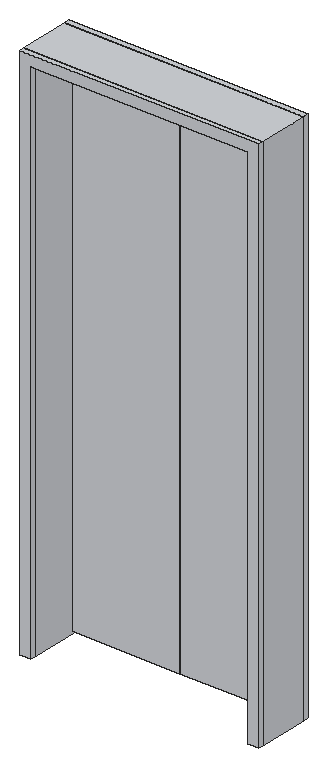
Revit family "Door_Bifold System_2Panel_Solid", category Doors, host Wall, Revit 2019
Family settings
  Host = Wall
  OmniClass Number = 23.30.10.11.14
  OmniClass Title = Door
  Always vertical = Yes
  Cut with Voids When Loaded = No
  Shared = Yes
  Room Calculation Point = No
Parameters (values of type "1980h x 810w x 40t")
  Website = "www.bifoldsystems.co.nz"
  Visual Light Transmittance = 0
  UndercutDoorGrille [instance] = ""
  Undercut = 10 mm
  Type Comments = "1980h x 810w x 40t"
  TrimWidth = 40 mm
  TrimWidthControl = if(TrimWidth < JambWidth, JambWidth, TrimWidth)  # 40 mm
  TrimThickness = 20 mm
  Trim [instance] = none
  TrimFinish [instance] = ""
  StopWidth = 10 mm
  StopDepth = 40 mm
  ShowHandleInt [instance] = yes
  ShowHandleExt [instance] = yes
  Lock [instance] = ""
  LiningThickness [instance] = 13 mm
  LeafWidth1 = Width / 2  # 405 mm
  LeafType [instance] = ""
  LeafHeight = 1980 mm
  LeafFinish [instance] = ""
  LeafControl [instance] = if(FrameByThroat, (FrameByThroatControl / 2) + (FrameOffsetExt - LeafInsetDist), FrameByThroatControl / 2 - LeafInsetDist)  # 75 mm
  JambWidth = 40 mm
  JambTolerance = 0 mm
  HingeLeaf = ""
  Hinge = ""
  HeadTolerance = 0 mm
  HeadHeight = 40 mm
  HandlesInt [instance] = none
  HandlesExt [instance] = none
  HandleTypeExt [instance] = Handle_Door_Lever_WM : Type 1
  HandleTypeInt [instance] = Handle_Door_Lever_WM : Type 1
  FrameVisibility [instance] = not(HostReport < 60 mm)  # yes
  FrameType [instance] = ""
  FrameOffsetInt = 0 mm
  FrameOffsetExt = 0 mm
  FrameFinish [instance] = ""
  FrameDepth = 150 mm
  FrameByThroatControl [instance] = if(FrameByThroat, HostReport, FrameDepth)  # 150 mm
  Thickness = 40 mm
  Thermal Resistance (R) = 0.3829 (m²·K)/W
  Solar Heat Gain Coefficient = 0
  ShowTrims [instance] = yes
  Rough Width [instance] = Width + (JambWidth * 2) + (JambTolerance * 2)  # 890 mm
  Rough Height [instance] = LeafHeight + HeadHeightControl + HeadTolerance  # 2020 mm
  Manufacturer = "Generic"
  Leaf [instance] = none
  LeafInsetDist = 0 mm
  HostReport [instance] = 150 mm
  Heat Transfer Coefficient (U) = 2.6119 W/(m²·K)
  HeadHeightControl [instance] = if(HeadHeight < JambWidth, JambWidth, HeadHeight)  # 40 mm
  HandleInset = 50 mm
  HandleHeight = 1000 mm
  Glazing [instance] = none
  Function = Exterior
  Height = LeafHeight  # 1980 mm
  Wall Closure = By host
  Width = 810 mm
  FrameOffsetIntControl = if(FrameByThroat, FrameOffsetInt, 0 mm)  # 0 mm
  FrameOffsetExtControl = if(FrameByThroat, FrameOffsetExt, 0 mm)  # 0 mm
  Frame [instance] = none
  FrameByThroat = yes
  Fire Rating = "30/30/30"
  EgressDoor [instance] = no
  DoorFinish [instance] = ""
  Description = "Nz - Bifold Glazed"
  ClearanceRight = 100 mm  # constant formula
  ClearanceLeft = 100 mm  # constant formula
  ClearOpening [instance] = 760 mm
  Analytic Construction = "Solid core wood"
  AccessOutwardOpenB [instance] = no
  AccessOutwardOpenA [instance] = no
  AccessInwardOpenB [instance] = no
  AccessInwardOpenA [instance] = no
Reference planes
  plane 1 "Center)Front/Back)": y = 0
  plane 2 "Center (Left/Right)": x = -14.219
  plane 3 "Left": x = -459.219
  plane 4 "Right": x = 430.781
  plane 5: z = 1980
  plane 6 "Exterior": y = 75
  plane 7 "Interior": y = -75
  plane 8: x = -419.219
  plane 9: x = 390.781
  plane 10: y = 75
  plane 11 "Leaf/Swing (Host)": y = 75
  plane 12: x = 430.781
  plane 13: x = -459.219
  plane 14: z = 2020
  plane 15: z = 2020
  plane 16 "stop Width Right": x = 380.781
  plane 17: x = -379.219
  plane 18: z = 10
Lines and regions (mm)
  Opening 1
    outline origin (-4966.219, -75, 0) x (1, 0, 0) y (0, 0, 1)
      loop
        line (5397, 2020) -> (4507, 2020) -> (4507, 0) -> (5397, 0) -> (5397, 2020)
Text (mm)
  text "Exterior" at (-1272.852, 1153.603, 0), in view "Ref. Level"
  text "Exterior" at (0, 646.844, 1884.131), in view "Left"
  text "Exterior" at (0, 384.156, 1894.705), in view "Right"
  text "-Multiple Reference Planes's on top of each other\n-Clearance zones invisible in elevation/section \n-Leaf not constrained - Hosted by Reference Line\n-Frames will error when parameters are not Default\nLeaf origins not Centre/Centre\nFrame will Hide when wall thickness is less then 60mm\nOpening Cuts are within Parent Family" at (1619.848, 873.626, 0), in view "Ref. Level"
  text "Warnings" at (1619.848, 1153.603, 0), in view "Ref. Level"
Dimensions and locks
  equal spacing: plane 8, plane 2 "Center (Left/Right)", plane 9
  "LeafHeight": plane 5 to host wall
  "HeadTolerance": plane 14 to plane 15
  "HeadHeight": plane 5 to plane 14
  locked: plane 6 "Exterior" to host wall at 0
  locked: plane 7 "Interior" to host wall
  "HostReport": host wall to host wall
  "JambWidth": plane 9 to plane 12
  "JambTolerance": plane 12 to plane 4 "Right"
  "StopWidth": plane 16 "stop Width Right" to plane 9
  "JambTolerance": plane 13 to plane 3 "Left"
  "Width": plane 8 to plane 9
  "JambWidth": plane 3 "Left" to plane 8
  "Thickness": plane 8 to plane 17
  "ClearOpening": plane 17 to plane 16 "stop Width Right"
  "Undercut": plane 18 to level
  "LeafControl": plane 1 "Center)Front/Back)" to plane 11 "Leaf/Swing (Host)"
  aligned and locked: plane 1 "Center)Front/Back)" to host wall
  aligned and locked: plane 2 "Center (Left/Right)" to nested 1
  aligned and locked: Opening 1 sketch curve to plane 15
  aligned and locked: Opening 1 sketch curve to plane 4 "Right"
  aligned and locked: Opening 1 sketch curve to level
  aligned and locked: Opening 1 sketch curve to plane 13
  aligned and locked: plane 1 "Center)Front/Back)" to nested 1
  aligned and locked: plane 8 to nested 2
  aligned and locked: plane 8 to nested 4
  aligned and locked: nested 5 to plane 2 "Center (Left/Right)"
  aligned and locked: plane 9 to nested 3
Nested families
  nested 1: "Frame_Door_Swing" at (-24.219, 0, 0), Width <- "Width", Height <- "LeafHeight", Rough Width <- "Rough Width", Rough Height <- "Rough Height", visible <- "FrameVisibility", Thickness <- "Thickness", type "Type 1"
    with Width 810 mm, TrimWidth 40 mm, TrimThickness 20 mm, TrimMaterial none, TrimFinish "", Thickness 40 mm, StopWidth 20 mm, StopDepth 20 mm, ShowTrims yes, Rough Width 890 mm, Rough Height 2020 mm, JambWidth 40 mm, JambTolerance 100 mm, HostManualControl 0 mm, HostControl 0 mm, Height 1980 mm, HeadTolerance 0 mm, HeadHeight 40 mm, FrameType "", FrameRebated no, FramePlanted no, FrameOffsetIntControl 20 mm, FrameOffsetInt 20 mm, FrameOffsetExtControl 20 mm, FrameOffsetExt 20 mm, FrameMaterial none, FrameGeneric yes, FrameFinish "", FrameDepth 120 mm, FrameByThroat yes
  nested 2: "Leaf_Door" at (-216.719, 75, 0), Thickness <- "Thickness", type "Type 1"
    with Undercut 10 mm, Thickness 40 mm, LeafWidth1 405 mm, LeafType "", LeafMaterial none, LeafHeight 1980 mm, LeafFinish "", FrameType ""
  nested 3: "Leaf_Door" at (188.281, 75, 0), Thickness <- "Thickness", type "Type 1"
    with Undercut 10 mm, Thickness 40 mm, LeafWidth1 405 mm, LeafType "", LeafMaterial none, LeafHeight 1980 mm, LeafFinish "", FrameType ""
  nested 4: "Bifold_Door_2Panel_Plan_WM" at (-1873.595, -107.5, 0), type "Type 1"
    with PanelLength 405 mm, Length 340 mm, LeafWidth1 220.057 mm, FrameType "", 2Panel yes
  nested 5: "Accessibility_Door_Double" at (-14.219, 0, -1980), type "Type 1", not visible
    with FrameType "", CalculatedClearanceRight 1200 mm, CalculatedClearanceLeft 1200 mm, AccessClearanceRight 505 mm, AccessClearanceLeft 505 mm
Definition of nested family "Frame_Door_Swing"
  Parameters (values of type "Type 1")
    TrimWidth [instance] = 40 mm
    TrimThickness [instance] = 20 mm
    TrimMaterial [instance] = none
    TrimFinish [instance] = ""
    Thickness [instance] = 40 mm
    StopWidth [instance] = 20 mm
    StopDepth [instance] = 20 mm
    ShowTrims [instance] = yes
    Rough Width [instance] = 0 mm
    Rough Height [instance] = 0 mm
    JambWidth [instance] = 40 mm
    JambTolerance [instance] = 100 mm
    HostManualControl [instance] = 0 mm
    HostControl [instance] = if(FrameByThroat, 0 mm, HostManualControl)  # 0 mm
    HostReport [instance] = 150 mm
    HeadTolerance [instance] = 0 mm
    HeadHeight [instance] = 40 mm
    Function = (empty or 0)
    Height [instance] = 1980 mm
    Wall Closure = (empty or 0)
    Width [instance] = 910 mm
    FrameType [instance] = ""
    FrameRebated [instance] = no
    FramePlanted [instance] = no
    FrameOffsetIntControl [instance] = if(FrameByThroat, FrameOffsetInt, 0 mm)  # 20 mm
    FrameOffsetInt [instance] = 20 mm
    FrameOffsetExtControl [instance] = if(FrameByThroat, FrameOffsetExt, 0 mm)  # 20 mm
    FrameOffsetExt [instance] = 20 mm
    FrameMaterial [instance] = none
    FrameGeneric [instance] = not(or(FramePlanted, FrameRebated))  # yes
    FrameFinish [instance] = ""
    FrameDepthControl [instance] = if(FrameByThroat, HostReport + FrameOffsetInt + FrameOffsetExt, FrameDepth)  # 190 mm
    FrameDepth [instance] = 120 mm
    FrameByThroat [instance] = yes
    Description = "NOSCHED"
    Analytic Construction = "<None>"
  Reference planes
    plane 1 "Centre - Host": y = 0
    plane 2 "Center (Left/Right)": x = 10
    plane 3 "Rough Jamb Left": x = -585
    plane 4 "Rough Jamb Right": x = 605
    plane 5 "Exterior": y = 75
    plane 6 "Interior": y = -75
    plane 7 "Jamb Width Left": x = -445
    plane 8 "Stop Width Left": x = -425
    plane 9 "Jamb Width Right": x = 465
    plane 10 "Stop Width Right": x = 445
    plane 11 "Head Height": z = 2020
    plane 12: x = -485
    plane 13: x = 505
    plane 14 "Centre - Model": y = 0
    plane 15: z = 1980
    plane 16 "Rough Opening Height": z = 2020
    plane 17 "TrimInt - Model": y = -115
    plane 18 "TrimExt - Model": y = 115
    plane 19 "Trim Height": z = 2020
    plane 20 "TrimWidth_WM Left": x = -485
    plane 21 "TrimWidth_WM Right": x = 505
    plane 22 "Exterior - Model": y = 75
    plane 23 "Interior - Model": y = -75
    plane 24 "OffsetInt - Model": y = -95
    plane 25 "OffsetExt - Model": y = 95
    plane 26 "Centre - Symbolic": y = 0
    plane 27 "Exterior - Symbolic": y = 75
    plane 28 "Interior - Symbolic": y = -75
    plane 29 "OffsetInt - Symbolic": y = -95
    plane 30 "OffsetExt - Symbolic": y = 95
    plane 31: y = 55
    plane 32: y = 35
    plane 33 "Trim Ext - Symbolic": y = 115
    plane 34 "Trim In - Symbolic": y = -115
  Forms (mm)
    Sweep 1, solid, material <- "FrameMaterial"
      path origin (0, 0, 0) x (-1, 0, 0) y (0, 0, 1)
        loop
          line (485, 0) -> (485, 2020)
      profile "Profile_Flush_Generic_WM : Jamb" origin (-485, 0, 1010) x (1, 0, 0) y (0, 1, 0)
        loop
          line (0, 95) -> (0, -95) -> (40, -95) -> (40, 95) -> (0, 95)
    Sweep 2, solid, material <- "FrameMaterial"
      path origin (0, 0, 0) x (-1, 0, 0) y (0, 0, 1)
        loop
          line (-505, 2020) -> (-505, 0)
      profile "Profile_Flush_Generic_WM : Jamb" origin (505, 0, 1010) x (-1, 0, 0) y (0, 1, 0)
        loop
          line (0, 95) -> (0, -95) -> (40, -95) -> (40, 95) -> (0, 95)
    Sweep 3, solid, material <- "FrameMaterial"
      path origin (0, 0, 0) x (-1, 0, 0) y (0, 0, 1)
        loop
          line (485, 1980) -> (-505, 1980)
      profile "Profile_Flush_Generic_WM : Head" origin (10, 0, 1980) x (0, 0, -1) y (0, 1, 0)
        loop
          line (0, 95) -> (-40, 95) -> (-40, -95) -> (0, -95) -> (0, 95)
    Sweep 4, solid, material <- "TrimMaterial", visible <- "ShowTrims", detail levels medium+fine
      path origin (0, -115, 0) x (1, 0, 0) y (0, 0, 1)
        loop
          line (-445, 1980) -> (-445, 0)
      profile origin (-445, -115, 990) x (0, -1, 0) y (1, 0, 0)
        loop
          line (0, -40) -> (0, 0) -> (-20, 0) -> (-20, -40) -> (0, -40)
    Sweep 5, solid, material <- "TrimMaterial", visible <- "ShowTrims", detail levels medium+fine
      path origin (0, -115, 0) x (1, 0, 0) y (0, 0, 1)
        loop
          line (465, 1980) -> (465, 0)
      profile origin (465, -115, 990) x (0, -1, 0) y (1, 0, 0)
        loop
          line (-20, 40) -> (-20, 0) -> (0, 0) -> (0, 40) -> (-20, 40)
    Sweep 6, solid, material <- "TrimMaterial", visible <- "ShowTrims", detail levels medium+fine
      path origin (0, 115, 0) x (1, 0, 0) y (0, 0, 1)
        loop
          line (465, 0) -> (465, 1980)
      profile origin (465, 115, 990) x (-1, 0, 0) y (0, -1, 0)
        loop
          line (-40, 0) -> (0, 0) -> (0, 20) -> (-40, 20) -> (-40, 0)
    Sweep 7, solid, material <- "TrimMaterial", visible <- "ShowTrims", detail levels medium+fine
      path origin (0, 115, 0) x (1, 0, 0) y (0, 0, 1)
        loop
          line (-445, 0) -> (-445, 1980)
      profile origin (-445, 115, 990) x (-1, 0, 0) y (0, -1, 0)
        loop
          line (40, 20) -> (0, 20) -> (0, 0) -> (40, 0) -> (40, 20)
    Sweep 8, solid, material <- "TrimMaterial", visible <- "ShowTrims", detail levels medium+fine
      path origin (0, 115, 0) x (1, 0, 0) y (0, 0, 1)
        loop
          line (-485, 1980) -> (505, 1980)
      profile origin (10, 115, 1980) x (0, 0, 1) y (0, -1, 0)
        loop
          line (0, 20) -> (0, 0) -> (40, 0) -> (40, 20) -> (0, 20)
    Sweep 9, solid, material <- "TrimMaterial", visible <- "ShowTrims", detail levels medium+fine
      path origin (0, -115, 0) x (1, 0, 0) y (0, 0, 1)
        loop
          line (-485, 1980) -> (505, 1980)
      profile origin (10, -115, 1980) x (0, 0, 1) y (0, -1, 0)
        loop
          line (0, 0) -> (0, -20) -> (40, -20) -> (40, 0) -> (0, 0)
  Cuts and joins
    joined: Sweep 1, Sweep 2, Sweep 3
    joined: Sweep 4, Sweep 5, Sweep 9
    joined: Sweep 6, Sweep 7, Sweep 8
  Lines and regions (mm)
    Masking region 1, visible <- "FrameGeneric"
      outline origin (0, 0, 0) x (1, 0, 0) y (0, 1, 0)
        loop
          line (505, 95) -> (465, 95) -> (465, -95) -> (505, -95) -> (505, 95)
        loop
          line (-445, 95) -> (-485, 95) -> (-485, -95) -> (-445, -95) -> (-445, 95)
    Masking region 2, visible <- "FrameRebated"
      outline origin (0, 0, 0) x (1, 0, 0) y (0, 1, 0)
        loop
          line (505, 95) -> (465, 95) -> (465, 55) -> (445, 55) -> (445, -95) -> (505, -95) -> (505, 95)
        loop
          line (-425, -95) -> (-425, 55) -> (-445, 55) -> (-445, 95) -> (-485, 95) -> (-485, -95) -> (-425, -95)
    Masking region 3, visible <- "FramePlanted"
      outline origin (0, 0, 0) x (1, 0, 0) y (0, 1, 0)
        loop
          line (-425, 55) -> (-445, 55) -> (-445, 95) -> (-485, 95) -> (-485, -95) -> (-445, -95) -> (-445, 35) -> (-425, 35) -> (-425, 55)
        loop
          line (445, 55) -> (445, 35) -> (465, 35) -> (465, -95) -> (505, -95) -> (505, 95) -> (465, 95) -> (465, 55) -> (445, 55)
    Masking region 4, visible <- "ShowTrims", detail levels fine
      outline origin (0, 0, 0) x (1, 0, 0) y (0, 1, 0)
        loop
          line (-485, 115) -> (-485, 95) -> (-445, 95) -> (-445, 115) -> (-485, 115)
        loop
          line (505, 115) -> (465, 115) -> (465, 95) -> (505, 95) -> (505, 115)
        loop
          line (-485, -115) -> (-445, -115) -> (-445, -95) -> (-485, -95) -> (-485, -115)
        loop
          line (465, -115) -> (505, -115) -> (505, -95) -> (465, -95) -> (465, -115)
    symbolic lines, visible <- "FramePlanted"
      curve 1: line (10, 35, 0) -> (10, 35, 1980)
  Text (mm)
    text "Exterior" at (-1343.519, 721.297, 0), in view "Ref. Level"
    text "Exterior" at (0, 646.153, 2322.124), in view "Left"
    text "Exterior" at (0, 429.213, 2294.485), in view "Right"
    text "Host" at (1301.368, 18.735, 0), in view "Ref. Level"
    text "Frame Geometry" at (1301.368, 1640.243, 0), in view "Ref. Level"
    text "Symbolic Geometry" at (1301.368, 3256.056, 0), in view "Ref. Level"
    text "To Diagnose Frame, untick FrameByThroat_WM" at (-3213.399, 721.297, 0), in view "Ref. Level"
  Dimensions and locks
    equal spacing: plane 7 "Jamb Width Left", plane 2 "Center (Left/Right)", plane 9 "Jamb Width Right"
    "Width": plane 7 "Jamb Width Left" to plane 9 "Jamb Width Right"
    locked: plane 5 "Exterior" to host wall at 0
    locked: plane 6 "Interior" to host wall
    "HostReport": host wall to host wall
    "StopWidth": plane 7 "Jamb Width Left" to plane 8 "Stop Width Left"
    "JambWidth": plane 12 to plane 7 "Jamb Width Left"
    "JambWidth": plane 9 "Jamb Width Right" to plane 13
    "StopWidth": plane 10 "Stop Width Right" to plane 9 "Jamb Width Right"
    "JambTolerance": plane 13 to plane 4 "Rough Jamb Right"
    "JambTolerance": plane 3 "Rough Jamb Left" to plane 12
    "Height": plane 15 to level
    "HeadTolerance": plane 16 "Rough Opening Height" to plane 11 "Head Height"
    "TrimWidth": plane 19 "Trim Height" to plane 15
    "TrimWidth": plane 9 "Jamb Width Right" to plane 21 "TrimWidth_WM Right"
    "TrimWidth": plane 20 "TrimWidth_WM Left" to plane 7 "Jamb Width Left"
    "FrameOffsetExtControl": plane 25 "OffsetExt - Model" to plane 22 "Exterior - Model"
    "FrameOffsetIntControl": plane 24 "OffsetInt - Model" to plane 23 "Interior - Model"
    "TrimThickness": plane 24 "OffsetInt - Model" to plane 17 "TrimInt - Model"
    "TrimThickness": plane 25 "OffsetExt - Model" to plane 18 "TrimExt - Model"
    "HostControl": plane 14 "Centre - Model" to host wall
    "FrameOffsetExtControl": plane 30 "OffsetExt - Symbolic" to plane 27 "Exterior - Symbolic"
    "FrameOffsetIntControl": plane 29 "OffsetInt - Symbolic" to plane 28 "Interior - Symbolic"
    "HostControl": plane 26 "Centre - Symbolic" to plane 14 "Centre - Model"
    "HeadHeight": plane 11 "Head Height" to plane 15
    "Thickness": plane 30 "OffsetExt - Symbolic" to plane 31
    "StopDepth": plane 31 to plane 32
    equal spacing: plane 23 "Interior - Model", plane 14 "Centre - Model", plane 22 "Exterior - Model"
    equal spacing: plane 28 "Interior - Symbolic", plane 26 "Centre - Symbolic", plane 27 "Exterior - Symbolic"
    "FrameDepthControl": plane 29 "OffsetInt - Symbolic" to plane 30 "OffsetExt - Symbolic"
    "FrameDepthControl": plane 24 "OffsetInt - Model" to plane 25 "OffsetExt - Model"
    "TrimThickness": plane 29 "OffsetInt - Symbolic" to plane 34 "Trim In - Symbolic"
    "TrimThickness": plane 30 "OffsetExt - Symbolic" to plane 33 "Trim Ext - Symbolic"
    aligned and locked: plane 1 "Centre - Host" to host wall
    aligned and locked: Sweep 2 sketch curve to plane 13
    aligned and locked: plane 12 to Sweep 1 sketch curve
    aligned and locked: plane 7 "Jamb Width Left" to Sweep 4 sketch curve  (x2)
    aligned and locked: plane 9 "Jamb Width Right" to Sweep 5 sketch curve  (x2)
    aligned and locked: plane 9 "Jamb Width Right" to Sweep 6 sketch curve
    aligned and locked: Sweep 6 sketch curve to plane 9 "Jamb Width Right"
    aligned and locked: plane 7 "Jamb Width Left" to Sweep 7 sketch curve
    aligned and locked: Sweep 7 sketch curve to plane 7 "Jamb Width Left"
    aligned and locked: plane 15 to Sweep 8 sketch curve  (x2)
    aligned and locked: Sweep 9 sketch curve to plane 15
    aligned and locked: plane 15 to Sweep 9 sketch curve
    aligned and locked: Sweep 9 sketch curve to plane 19 "Trim Height"
    aligned and locked: Sweep 8 sketch curve to plane 19 "Trim Height"
    aligned and locked: Sweep 6 sketch curve to plane 21 "TrimWidth_WM Right"
    aligned and locked: Sweep 5 sketch curve to plane 21 "TrimWidth_WM Right"
    aligned and locked: Sweep 4 sketch curve to plane 20 "TrimWidth_WM Left"
    aligned and locked: Sweep 7 sketch curve to plane 20 "TrimWidth_WM Left"
    aligned and locked: Sweep 9 sketch curve to plane 17 "TrimInt - Model"
    aligned and locked: Sweep 8 sketch curve to plane 18 "TrimExt - Model"
    aligned and locked: Sweep 5 sketch curve to plane 17 "TrimInt - Model"
    aligned and locked: Sweep 4 sketch curve to plane 17 "TrimInt - Model"
    aligned and locked: Sweep 6 sketch curve to plane 18 "TrimExt - Model"
    aligned and locked: plane 18 "TrimExt - Model" to Sweep 7 sketch curve
    aligned and locked: Sweep 7 sketch curve to plane 25 "OffsetExt - Model"
    aligned and locked: plane 25 "OffsetExt - Model" to Sweep 6 sketch curve
    aligned and locked: plane 24 "OffsetInt - Model" to Sweep 9 sketch curve
    aligned and locked: plane 25 "OffsetExt - Model" to Sweep 8 sketch curve
    aligned and locked: Sweep 4 sketch curve to plane 24 "OffsetInt - Model"
    aligned and locked: Sweep 5 sketch curve to plane 24 "OffsetInt - Model"
    aligned and locked: Sweep 3 sketch curve to plane 15
    aligned and locked: plane 32 to curve 1
    aligned and locked: host wall to level
    aligned and locked: level to curve 1
    aligned and locked: plane 15 to curve 1
    aligned and locked: Masking region 1 sketch curve to plane 9 "Jamb Width Right"
    aligned and locked: Masking region 1 sketch curve to plane 30 "OffsetExt - Symbolic"  (x2)
    aligned and locked: Masking region 1 sketch curve to plane 29 "OffsetInt - Symbolic"  (x2)
    aligned and locked: Masking region 1 sketch curve to plane 7 "Jamb Width Left"
    aligned and locked: Masking region 1 sketch curve to plane 12
    aligned and locked: Masking region 1 sketch curve to plane 13
    aligned and locked: Masking region 2 sketch curve to plane 30 "OffsetExt - Symbolic"  (x2)
    aligned and locked: Masking region 2 sketch curve to plane 29 "OffsetInt - Symbolic"  (x2)
    aligned and locked: Masking region 2 sketch curve to plane 10 "Stop Width Right"
    aligned and locked: Masking region 2 sketch curve to plane 9 "Jamb Width Right"
    aligned and locked: Masking region 2 sketch curve to plane 13
    aligned and locked: Masking region 2 sketch curve to plane 31
    aligned and locked: Masking region 2 sketch curve to plane 8 "Stop Width Left"
    aligned and locked: Masking region 2 sketch curve to plane 7 "Jamb Width Left"
    aligned and locked: Masking region 2 sketch curve to plane 12
    aligned and locked: Masking region 3 sketch curve to plane 8 "Stop Width Left"
    aligned and locked: Masking region 3 sketch curve to plane 7 "Jamb Width Left"
    aligned and locked: Masking region 3 sketch curve to plane 12
    aligned and locked: Masking region 3 sketch curve to plane 10 "Stop Width Right"
    aligned and locked: Masking region 3 sketch curve to plane 9 "Jamb Width Right"
    aligned and locked: Masking region 3 sketch curve to plane 13
    aligned and locked: Masking region 3 sketch curve to plane 32  (x2)
    aligned and locked: Masking region 3 sketch curve to plane 31
    aligned and locked: Masking region 3 sketch curve to plane 30 "OffsetExt - Symbolic"  (x2)
    aligned and locked: Masking region 3 sketch curve to plane 29 "OffsetInt - Symbolic"  (x2)
    aligned and locked: Masking region 4 sketch curve to plane 20 "TrimWidth_WM Left"  (x2)
    aligned and locked: Masking region 4 sketch curve to plane 7 "Jamb Width Left"  (x2)
    aligned and locked: Masking region 4 sketch curve to plane 21 "TrimWidth_WM Right"  (x2)
    aligned and locked: Masking region 4 sketch curve to plane 9 "Jamb Width Right"  (x2)
    aligned and locked: Masking region 4 sketch curve to plane 34 "Trim In - Symbolic"  (x2)
    aligned and locked: Masking region 4 sketch curve to plane 29 "OffsetInt - Symbolic"  (x2)
    aligned and locked: Masking region 4 sketch curve to plane 33 "Trim Ext - Symbolic"  (x2)
    aligned and locked: Masking region 4 sketch curve to plane 30 "OffsetExt - Symbolic"  (x2)
  Automatic sketch dimensions
    Sweep 2 sketch curve to level = 0 mm
    Sweep 2 sketch curve to plane 11 "Head Height" = 0 mm
    Sweep 1 sketch curve to level = 0 mm
    Sweep 1 sketch curve to plane 11 "Head Height" = 0 mm
    Sweep 9 sketch curve to plane 21 "TrimWidth_WM Right" = 0 mm
    Sweep 9 sketch curve to plane 20 "TrimWidth_WM Left" = 0 mm
    Sweep 8 sketch curve to plane 20 "TrimWidth_WM Left" = 0 mm
    Sweep 8 sketch curve to plane 21 "TrimWidth_WM Right" = 0 mm
    Sweep 4 sketch curve to level = 0 mm
    Sweep 4 sketch curve to plane 15 = 0 mm
    Sweep 5 sketch curve to level = 0 mm
    Sweep 5 sketch curve to plane 15 = 0 mm
    Sweep 6 sketch curve to level = 0 mm
    Sweep 6 sketch curve to plane 15 = 0 mm
    Sweep 7 sketch curve to level = 0 mm
    Sweep 7 sketch curve to plane 15 = 0 mm
    Sweep 3 sketch curve to plane 13 = 0 mm
    Sweep 3 sketch curve to plane 12 = 0 mm
    Masking region 2 sketch curve to plane 31 = 0 mm
    Masking region 3 sketch curve to plane 31 = 0 mm
    Masking region 3 sketch curve to plane 7 "Jamb Width Left" = 0 mm
    Masking region 3 sketch curve to plane 9 "Jamb Width Right" = 0 mm
Definition of nested family "Leaf_Door"
  Parameters (values of type "Type 1")
    Width = 0 mm  # constant formula
    Undercut [instance] = 10 mm
    Thickness [instance] = 40 mm
    Rough Width = 0 mm  # constant formula
    Rough Height = 0 mm  # constant formula
    LeafWidth1 [instance] = 810 mm
    LeafType [instance] = ""
    LeafMaterial [instance] = none
    LeafHeight [instance] = 1980 mm
    LeafFinish [instance] = ""
    Height = 0 mm  # constant formula
    FrameType [instance] = ""
    Description = "NOSCHED"
    Default Elevation = 1219.2 mm
    Analytic Construction = "<None>"
  Reference planes
    plane 1 "Center (Front/Back)": y = 20
    plane 2: z = 0
    plane 3 "Center (Left/Right)": x = 0
    plane 4 "Back": y = 40
    plane 5 "Front": y = 0
    plane 6 "Right": x = 405
    plane 7 "Left": x = -405
    plane 8: z = 1980
    plane 9: z = 10
    plane 10: z = 995
    plane 11 "Elevation Swing Exterior": y = 43
    plane 12 "Elevation Swing Interior": y = -3
  Forms (mm)
    Extrusion 1, solid, material <- "LeafMaterial"
      sketch origin (0, 20, 0) x (1, 0, 0) y (0, 0, 1)
        loop
          line (405, 1980) -> (-405, 1980) -> (-405, 10) -> (405, 10) -> (405, 1980)
      from -20 to 20
  Lines and regions (mm)
    symbolic lines
      curve 1: line (405, 0, 1980) -> (-405, 0, 995)
      curve 2: line (-405, 0, 995) -> (405, 0, 10)
      curve 7: line (405, 40, 1980) -> (-405, 40, 995)
      curve 8: line (405, 40, 10) -> (-405, 40, 995)
    model lines, detail levels fine
      curve 3: line (405, -3, 1980) -> (-405, -3, 995)
      curve 4: line (-405, -3, 995) -> (405, -3, 10)
      curve 5: line (405, 43, 1980) -> (-405, 43, 995)
      curve 6: line (-405, 43, 995) -> (405, 43, 10)
  Dimensions and locks
    equal spacing: plane 4 "Back", plane 1 "Center (Front/Back)", plane 5 "Front"
    equal spacing: plane 7 "Left", plane 3 "Center (Left/Right)", plane 6 "Right"
    "LeafWidth1": plane 7 "Left" to plane 6 "Right"
    "LeafHeight": plane 8 to level
    "Undercut": plane 9 to level
    "Thickness": plane 4 "Back" to plane 5 "Front"
    equal spacing: plane 8, plane 10, plane 9
    locked: plane 12 "Elevation Swing Interior" to plane 5 "Front" at 3
    locked: plane 11 "Elevation Swing Exterior" to plane 4 "Back" at 3
    aligned and locked: level to plane 2
    aligned and locked: Extrusion 1 sketch curve to plane 6 "Right"
    aligned and locked: Extrusion 1 sketch curve to plane 9
    aligned and locked: Extrusion 1 sketch curve to plane 7 "Left"
    aligned and locked: Extrusion 1 sketch curve to plane 8
    aligned and locked: Extrusion 1 to plane 5 "Front"
    aligned and locked: plane 4 "Back" to Extrusion 1
  Automatic sketch dimensions
    curve 8 to plane 6 "Right" = 0 mm
    curve 7 to plane 6 "Right" = 0 mm
    curve 7 to plane 7 "Left" = 0 mm
    curve 8 to plane 9 = 0 mm
    curve 7 to plane 8 = 0 mm
    curve 2 to plane 6 "Right" = 0 mm
    curve 1 to plane 6 "Right" = 0 mm
    curve 2 to plane 9 = 0 mm
    curve 2 to plane 10 = 0 mm
    curve 1 to plane 8 = 0 mm
    curve 7 to plane 10 = 0 mm
    curve 6 to plane 6 "Right" = 0 mm
    curve 5 to plane 6 "Right" = 0 mm
    curve 5 to plane 7 "Left" = 0 mm
    curve 6 to plane 9 = 0 mm
    curve 6 to plane 10 = 0 mm
    curve 5 to plane 8 = 0 mm
    curve 2 to plane 7 "Left" = 0 mm
    curve 3 to plane 7 "Left" = 0 mm
    curve 4 to plane 6 "Right" = 0 mm
    curve 3 to plane 6 "Right" = 0 mm
    curve 4 to plane 9 = 0 mm
    curve 4 to plane 10 = 0 mm
    curve 3 to plane 8 = 0 mm
Definition of nested family "Bifold_Door_2Panel_Plan_WM"
  Parameters (values of type "Type 1")
    PanelLength [instance] = 405 mm
    Length [instance] = 340 mm
    LeafWidth1 [instance] = sqrt(PanelLength ^ 2 - Length ^ 2)  # 220.057 mm
    FrameType [instance] = ""
    2Panel [instance] = yes
  Reference planes
    plane 1: z = 0
    plane 2: y = 210
    plane 3: y = 380
    plane 4: y = 550
    plane 5: x = 1454.376
    plane 6: x = 1674.433
    plane 7: x = 1564.404
  Lines and regions (mm)
    detail lines, in view "Ref. Level"
      curve 1: line (1454.376, 210, 0) -> (1564.404, 380, 0)
    detail lines, in view "Ref. Level", visible <- "2Panel"
      curve 2: line (1564.404, 380, 0) -> (1674.433, 210, 0)
  Dimensions and locks
    equal spacing: plane 4, plane 3, plane 2
    equal spacing: plane 5, plane 7, plane 6
    "Length": plane 4 to plane 2
    "LeafWidth1": plane 5 to plane 6
  Automatic sketch dimensions
    curve 1 to plane 2 = 0 mm
    curve 1 to plane 5 = 0 mm
    curve 2 to plane 7 = 0 mm
    plane 3 to curve 1 = 0 mm
    curve 2 to plane 2 = 0 mm
    curve 2 to plane 6 = 0 mm
Definition of nested family "Accessibility_Door_Double"
  Parameters (values of type "Type 1")
    OutwardOpenB = no
    OutwardOpenA = no
    LiningThickness = 13 mm
    LeafWidth2 = 405 mm
    LeafWidth1 = 405 mm
    JambWidth = 40 mm
    InwardOpenB = no
    InwardOpenA = no
    FrameType [instance] = ""
    ClearanceRight = 100 mm
    ClearanceLeft = 100 mm
    CalculatedClearanceRight [instance] = if(AccessClearanceRight < 1200 mm, 1200 mm, AccessClearanceRight)  # 1200 mm
    AccessClearanceRight [instance] = LeafWidth2 + ClearanceRight  # 505 mm
    AccessClearanceLeft [instance] = LeafWidth1 + ClearanceLeft  # 505 mm
    Function = (empty or 0)
    Height = 1980 mm
    Wall Closure = (empty or 0)
    Width = 1520 mm
    CalculatedClearanceLeft [instance] = if(AccessClearanceLeft < 1200 mm, 1200 mm, AccessClearanceLeft)  # 1200 mm
    Analytic Construction = "<None>"
  Reference planes
    plane 1: y = 0
    plane 2 "Center (Left/Right)": x = 0
    plane 3: z = 1980
    plane 4 "Exterior": y = 75
    plane 5 "Interior": y = -75
    plane 6: x = -760
    plane 7: x = 1200
    plane 8: y = 1288
    plane 9: x = 760
    plane 10: x = -1200
    plane 11: y = 88
    plane 12: x = 800
    plane 13: x = -800
    plane 14: y = 493
    plane 15: y = 1693
    plane 16: x = -860
    plane 17: x = 860
    plane 18: y = -1288
    plane 19: y = -88
    plane 20: x = 1300
    plane 21: x = -1300
  Forms (mm)
    Extrusion 1, solid, visible <- "OutwardOpenB"
      sketch origin (0, 0, 0) x (1, 0, 0) y (0, 1, 0)
        loop
          line (-1200, 1288) -> (-1200, 88) -> (1200, 88) -> (1200, 1288) -> (-1200, 1288)
      from 0 to 1980 <- "Height"
    Extrusion 2, solid, visible <- "OutwardOpenA"
      sketch origin (0, 0, 0) x (1, 0, 0) y (0, 1, 0)
        loop
          line (-860, 1693) -> (-860, 88) -> (860, 88) -> (860, 1693) -> (-860, 1693)
      from 0 to 1980 <- "Height"
    Extrusion 3, solid, visible <- "InwardOpenB"
      sketch origin (0, 0, 0) x (1, 0, 0) y (0, 1, 0)
        loop
          line (-1300, -1288) -> (1300, -1288) -> (1300, -88) -> (-1300, -88) -> (-1300, -1288)
      from 0 to 1980 <- "Height"
    Extrusion 4, solid, visible <- "InwardOpenA"
      sketch origin (0, 0, 0) x (1, 0, 0) y (0, 1, 0)
        loop
          line (-860, -1288) -> (860, -1288) -> (860, -88) -> (-860, -88) -> (-860, -1288)
      from 0 to 1980 <- "Height"
  Lines and regions (mm)
    symbolic lines, visible <- "OutwardOpenB"
      curve 1: line (1375, 675, 0) -> (835, 675, 0)
      curve 2: line (835, 675, 0) -> (933.995, 773.995, 0)
      curve 3: line (835, 675, 0) -> (933.995, 576.005, 0)
      curve 4: line (-1375, 675, 0) -> (-835, 675, 0)
      curve 5: line (-835, 675, 0) -> (-933.995, 773.995, 0)
      curve 6: line (-835, 675, 0) -> (-933.995, 576.005, 0)
    symbolic lines, visible <- "OutwardOpenA"
      curve 7: line (0, 2058.533, 0) -> (0, 1358.533, 0)
      curve 8: line (0, 1358.533, 0) -> (-98.995, 1457.528, 0)
      curve 9: line (0, 1358.533, 0) -> (98.995, 1457.528, 0)
    symbolic lines, visible <- "InwardOpenB"
      curve 10: line (1598.171, -688, 0) -> (898.171, -688, 0)
      curve 11: line (898.171, -688, 0) -> (997.166, -786.995, 0)
      curve 12: line (898.171, -688, 0) -> (997.166, -589.005, 0)
      curve 13: line (-821.829, -688, 0) -> (-920.824, -786.995, 0)
      curve 14: line (-821.829, -688, 0) -> (-920.824, -589.005, 0)
      curve 15: line (-1521.829, -688, 0) -> (-821.829, -688, 0)
    symbolic lines, visible <- "InwardOpenA"
      curve 16: line (0, -1646.181, 0) -> (0, -946.181, 0)
      curve 17: line (0, -946.181, 0) -> (98.995, -1045.176, 0)
      curve 18: line (0, -946.181, 0) -> (-98.995, -1045.176, 0)
  Text (mm)
    text "Exterior" at (-1633.956, 1958.404, 0), in view "Ref. Level"
    text "Exterior" at (0, 2191.529, 2047.989), in view "Left"
    text "Exterior" at (0, 1606.449, 1901.474), in view "Right"
  Dimensions and locks
    "Width": plane 6 to plane 9
    host wall to plane 3 = 1980 mm
    "Height": host wall to plane 3
    locked: plane 4 "Exterior" to host wall at 0
    locked: plane 5 "Interior" to host wall
    locked: plane 11 to plane 8 at 1200
    equal spacing: plane 6, plane 2 "Center (Left/Right)", plane 9
    "CalculatedClearanceRight": plane 2 "Center (Left/Right)" to plane 7
    "CalculatedClearanceLeft": plane 10 to plane 2 "Center (Left/Right)"
    "LiningThickness": plane 4 "Exterior" to plane 11
    "JambWidth": plane 13 to plane 6
    "JambWidth": plane 9 to plane 12
    locked: plane 15 to plane 14 at 1200
    "LeafWidth1": plane 11 to plane 14
    "ClearanceRight": plane 9 to plane 17
    "ClearanceLeft": plane 16 to plane 6
    "LiningThickness": plane 5 "Interior" to plane 19
    locked: plane 19 to plane 18 at 1200
    locked: plane 9 to plane 20 at 540
    locked: plane 21 to plane 6 at 540
    aligned and locked: plane 1 to host wall
    aligned and locked: Extrusion 1 sketch curve to plane 10
    aligned and locked: plane 2 "Center (Left/Right)" to nested 1
    aligned and locked: plane 11 to nested 1  (x2)
    aligned and locked: plane 11 to Extrusion 1 sketch curve
    aligned and locked: plane 16 to Extrusion 2
    aligned and locked: plane 17 to Extrusion 2
    aligned and locked: plane 11 to Extrusion 2
    aligned and locked: plane 2 "Center (Left/Right)" to nested 2
    aligned and locked: plane 11 to nested 2  (x2)
    aligned and locked: plane 20 to Extrusion 3
    aligned and locked: plane 21 to Extrusion 3
    aligned and locked: plane 19 to Extrusion 3
    aligned and locked: plane 2 "Center (Left/Right)" to nested 3
    aligned and locked: plane 19 to nested 3
    aligned and locked: plane 2 "Center (Left/Right)" to nested 4
    aligned and locked: plane 19 to nested 4
    aligned and locked: plane 17 to Extrusion 4
    aligned and locked: plane 16 to Extrusion 4
    aligned and locked: nested 4 to plane 18
    aligned and locked: plane 19 to Extrusion 4
    aligned and locked: Extrusion 1 to plane 7
    aligned and locked: plane 10 to Extrusion 1
    aligned and locked: plane 8 to Extrusion 1
    aligned and locked: plane 11 to Extrusion 1
    aligned and locked: plane 17 to nested 2
    aligned and locked: nested 2 to plane 16
    aligned and locked: Extrusion 3 to plane 18
    aligned and locked: plane 15 to Extrusion 2
  Automatic sketch dimensions
    Extrusion 1 sketch curve to plane 7 = 0 mm
    plane 8 to Extrusion 1 sketch curve = 0 mm
    curve 5 to plane 10 = 365 mm
    plane 7 to curve 1 = 365 mm
    host wall to curve 6 = 600 mm
    host wall to curve 3 = 600 mm
    curve 6 to curve 4 = 98.995 mm  (x2)
    curve 5 to curve 4 = 98.995 mm
    curve 4 to curve 5 = 441.005 mm
    curve 1 to curve 2 = 98.995 mm
    curve 1 to curve 3 = 98.995 mm
    curve 1 to plane 7 = 175 mm
    curve 3 to curve 1 = 98.995 mm
    curve 8 to plane 2 "Center (Left/Right)" = 0 mm
    curve 8 to plane 2 "Center (Left/Right)" = 98.995 mm
    plane 2 "Center (Left/Right)" to curve 9 = 98.995 mm
    plane 8 to curve 7 = 70.533 mm
    curve 7 to curve 8 = 98.995 mm
    curve 9 to curve 7 = 601.005 mm
    plane 10 to curve 15 = 321.829 mm
    plane 16 to curve 14 = 60.824 mm
    plane 16 to curve 13 = 60.824 mm
    curve 14 to plane 13 = 21.829 mm
    plane 17 to curve 12 = 38.171 mm
    plane 17 to curve 12 = 137.166 mm
    curve 10 to plane 7 = 398.171 mm
    curve 12 to plane 19 = 501.005 mm
    curve 14 to plane 19 = 501.005 mm
    curve 11 to curve 12 = 98.995 mm
    curve 11 to curve 10 = 98.995 mm
    curve 13 to curve 13 = 98.995 mm
    curve 17 to plane 2 "Center (Left/Right)" = 0 mm
    curve 18 to plane 2 "Center (Left/Right)" = 98.995 mm
    plane 2 "Center (Left/Right)" to curve 17 = 98.995 mm
    plane 18 to curve 18 = 341.819 mm
    curve 17 to curve 16 = 98.995 mm
    curve 16 to plane 18 = 358.181 mm
    Extrusion 4 sketch curve to plane 19 = 0 mm
    Extrusion 4 sketch curve to plane 18 = 0 mm
    plane 6 to Extrusion 4 sketch curve = 100 mm
    plane 9 to Extrusion 4 sketch curve = 100 mm
    plane 11 to Extrusion 2 sketch curve = 0 mm
    Extrusion 2 sketch curve to plane 16 = 0 mm
    Extrusion 2 sketch curve to plane 17 = 0 mm
    Extrusion 3 sketch curve to plane 19 = 0 mm
    Extrusion 3 sketch curve to plane 21 = 0 mm
    Extrusion 3 sketch curve to plane 20 = 0 mm
    plane 18 to Extrusion 3 sketch curve = 0 mm
    plane 15 to Extrusion 2 sketch curve = 0 mm
  Nested families
    nested 1: "Profile_Accessibilty_Double_OutwardSide" at (0, 88, 0), Width <- "Width", CalculatedClearanceRight_WM <- "CalculatedClearanceRight", CalculatedClearanceLeft_WM <- "CalculatedClearanceLeft", AccessClearanceRight_WM <- "AccessClearanceRight", AccessClearanceLeft_WM <- "AccessClearanceLeft", visible <- "OutwardOpenB", type "Type 1"
      with Width 1520 mm, CalculatedClearanceRight_WM 1200 mm, CalculatedClearanceLeft_WM 1200 mm, AccessClearanceRight_WM 505 mm, AccessClearanceLeft_WM 505 mm
    nested 2: "Profile_Accessibilty_Double_OutwardFront" at (0, 88, 0), Width_WM <- "Width", LeafWidth1_WM <- "LeafWidth1", JambWidth_WM <- "JambWidth", ClearanceRight_WM <- "ClearanceRight", ClearanceLeft_WM <- "ClearanceLeft", visible <- "OutwardOpenA", type "Type 1"
      with Width_WM 1520 mm, LeafWidth1_WM 405 mm, JambWidth_WM 40 mm, ClearanceRight_WM 100 mm, ClearanceLeft_WM 100 mm
    nested 3: "Profile_Accessibilty_Double_InwardSide" at (0, -1288, 0), Width <- "Width", JambWidth_WM <- "JambWidth", ClearanceRight_WM <- "ClearanceRight", ClearanceLeft_WM <- "ClearanceLeft", visible <- "InwardOpenB", type "Type 1"
      with Width 1520 mm, JambWidth_WM 40 mm, ClearanceRight_WM 100 mm, ClearanceLeft_WM 100 mm
    nested 4: "Profile_Accessibilty_Double_InwardFront" at (0, -1288, 0), Width <- "Width", JambWidth_WM <- "JambWidth", ClearanceRight_WM <- "ClearanceRight", ClearanceLeft_WM <- "ClearanceLeft", visible <- "InwardOpenA", type "Type 1"
      with Width 1520 mm, JambWidth_WM 40 mm, ClearanceRight_WM 100 mm, ClearanceLeft_WM 100 mm
  Definition of nested family "Profile_Accessibilty_Double_OutwardSide"
    Parameters
      Width [instance] = 760 mm
      ModifiedIssue_ANZRS = 20162807.01
      CreatedBy_ANZRS = "Warren and Mahoney"  # constant formula
      CreatedByURL_ANZRS = "www.warrenandmahoney.com\\en\\"
      CalculatedClearanceRight_WM [instance] = if(AccessClearanceRight_WM < 1200 mm, 1200 mm, AccessClearanceRight_WM)  # 1200 mm
      CalculatedClearanceLeft_WM [instance] = if(AccessClearanceLeft_WM < 1200 mm, 1200 mm, AccessClearanceLeft_WM)  # 1200 mm
      AccessClearanceRight_WM [instance] = 900 mm
      AccessClearanceLeft_WM [instance] = 900 mm
    Reference planes
      plane 1 "Front": y = 0
      plane 2: z = 0
      plane 3 "Center (Left/Right)": x = 0
      plane 4: y = 1200
      plane 5: x = -1200
      plane 6: x = 380
      plane 7: x = -380
      plane 8: x = 1200
    Lines and regions (mm)
      Filled region 1, type "Diagonal Up", in view "Ref. Level"
        outline origin (0, 0, 0) x (1, 0, 0) y (0, 1, 0)
          loop
            line (1200, 1200) -> (-1200, 1200) -> (-1200, 0) -> (1200, 0) -> (1200, 1200)
    Dimensions and locks
      equal spacing: plane 7, plane 3 "Center (Left/Right)", plane 6
      "Width": plane 7 to plane 6
      locked: plane 1 "Front" to plane 4 at 1200
      "CalculatedClearanceRight_WM": plane 3 "Center (Left/Right)" to plane 8
      "CalculatedClearanceLeft_WM": plane 5 to plane 3 "Center (Left/Right)"
      aligned and locked: plane 4 to Filled region 1 sketch curve
      aligned and locked: plane 1 "Front" to Filled region 1 sketch curve
      aligned and locked: Filled region 1 sketch curve to plane 5
      aligned and locked: Filled region 1 sketch curve to plane 8
  Definition of nested family "Profile_Accessibilty_Double_OutwardFront"
    Parameters (values of type "Type 1")
      Width_WM [instance] = 760 mm
      ModifiedIssue_ANZRS = 20162807.01
      LeafWidth1_WM [instance] = 760 mm
      JambWidth_WM [instance] = 80 mm
      CreatedBy_ANZRS = "Warren and Mahoney"  # constant formula
      CreatedByURL_ANZRS = "www.warrenandmahoney.com\\en\\"
      ClearanceRight_WM [instance] = 120 mm
      ClearanceLeft_WM [instance] = 120 mm
    Reference planes
      plane 1 "Center (Front/Back)": y = 0
      plane 2: z = 0
      plane 3 "Center (Left/Right)": x = 0
      plane 4: y = 1960
      plane 5: x = 500
      plane 6: x = -500
      plane 7: y = 760
      plane 8: x = 460
      plane 9: x = 380
      plane 10: x = -460
      plane 11: x = -380
    Lines and regions (mm)
      Filled region 1, type "Diagonal Up", in view "Ref. Level"
        outline origin (0, 0, 0) x (1, 0, 0) y (0, 1, 0)
          loop
            line (500, 1960) -> (-500, 1960) -> (-500, 0) -> (500, 0) -> (500, 1960)
    Dimensions and locks
      "LeafWidth1_WM": plane 1 "Center (Front/Back)" to plane 7
      locked: plane 7 to plane 4 at 1200
      "ClearanceLeft_WM": plane 6 to plane 11
      "JambWidth_WM": plane 10 to plane 11
      "ClearanceRight_WM": plane 9 to plane 5
      "JambWidth_WM": plane 9 to plane 8
      equal spacing: plane 11, plane 3 "Center (Left/Right)", plane 9
      "Width_WM": plane 11 to plane 9
      aligned and locked: plane 4 to Filled region 1 sketch curve
      aligned and locked: plane 5 to Filled region 1 sketch curve
      aligned and locked: plane 1 "Center (Front/Back)" to Filled region 1 sketch curve
      aligned and locked: Filled region 1 sketch curve to plane 6
  Definition of nested family "Profile_Accessibilty_Double_InwardSide"
    Parameters (values of type "Type 1")
      ModifiedIssue_ANZRS = 20162807.01
      Width [instance] = 860 mm
      JambWidth_WM [instance] = 40 mm
      CreatedBy_ANZRS = "Warren and Mahoney"  # constant formula
      CreatedByURL_ANZRS = "www.warrenandmahoney.com\\en\\"
      ClearanceRight_WM [instance] = 100 mm
      ClearanceLeft_WM [instance] = 100 mm
    Reference planes
      plane 1 "Center (Front/Back)": y = 0
      plane 2: z = 0
      plane 3 "Center (Left/Right)": x = 0
      plane 4: y = 1200
      plane 5: x = 970
      plane 6: x = -530
      plane 7: x = -470
      plane 8: x = -430
      plane 9: x = 430
      plane 10: x = 470
      plane 11: x = 430
      plane 12: x = 530
      plane 13: x = -970
    Lines and regions (mm)
      Filled region 1, type "Diagonal Up", in view "Ref. Level"
        outline origin (0, 0, 0) x (1, 0, 0) y (0, 1, 0)
          loop
            line (970, 1200) -> (-970, 1200) -> (-970, 0) -> (970, 0) -> (970, 1200)
    Dimensions and locks
      equal spacing: plane 8, plane 3 "Center (Left/Right)", plane 9
      "Width": plane 8 to plane 9
      locked: plane 1 "Center (Front/Back)" to plane 4 at 1200
      "ClearanceLeft_WM": plane 6 to plane 8
      "JambWidth_WM": plane 7 to plane 8
      locked: plane 9 to plane 5 at 540
      "ClearanceRight_WM": plane 11 to plane 12
      "JambWidth_WM": plane 11 to plane 10
      locked: plane 13 to plane 8 at 540
      aligned and locked: plane 4 to Filled region 1 sketch curve
      aligned and locked: plane 1 "Center (Front/Back)" to Filled region 1 sketch curve
      aligned and locked: plane 5 to Filled region 1
      aligned and locked: Filled region 1 to plane 13
    Automatic sketch dimensions
      Filled region 1 sketch curve to plane 6 = 440 mm
      plane 5 to Filled region 1 sketch curve = 0 mm
  Definition of nested family "Profile_Accessibilty_Double_InwardFront"
    Parameters (values of type "Type 1")
      Width [instance] = 1000 mm
      ModifiedIssue_ANZRS = 20162807.01
      JambWidth_WM [instance] = 40 mm
      CreatedBy_ANZRS = "Warren and Mahoney"  # constant formula
      CreatedByURL_ANZRS = "www.warrenandmahoney.com\\en\\"
      ClearanceRight_WM [instance] = 80 mm
      ClearanceLeft_WM [instance] = 80 mm
    Reference planes
      plane 1 "Center (Front/Back)": y = 0
      plane 2: z = 0
      plane 3 "Center (Left/Right)": x = 0
      plane 4: y = 1200
      plane 5: x = 580
      plane 6: x = -580
      plane 7: x = -540
      plane 8: x = -500
      plane 9: x = 540
      plane 10: x = 500
    Lines and regions (mm)
      Filled region 1, type "Diagonal Up", in view "Ref. Level"
        outline origin (0, 0, 0) x (1, 0, 0) y (0, 1, 0)
          loop
            line (580, 1200) -> (-580, 1200) -> (-580, 0) -> (580, 0) -> (580, 1200)
    Dimensions and locks
      equal spacing: plane 8, plane 3 "Center (Left/Right)", plane 10
      "Width": plane 8 to plane 10
      locked: plane 1 "Center (Front/Back)" to plane 4 at 1200
      "ClearanceRight_WM": plane 10 to plane 5
      "ClearanceLeft_WM": plane 6 to plane 8
      "JambWidth_WM": plane 7 to plane 8
      "JambWidth_WM": plane 10 to plane 9
      aligned and locked: plane 4 to Filled region 1 sketch curve
      aligned and locked: plane 1 "Center (Front/Back)" to Filled region 1 sketch curve
      aligned and locked: plane 5 to Filled region 1
      aligned and locked: Filled region 1 to plane 6
    Automatic sketch dimensions
      Filled region 1 sketch curve to plane 6 = 0 mm
      plane 5 to Filled region 1 sketch curve = 0 mm
